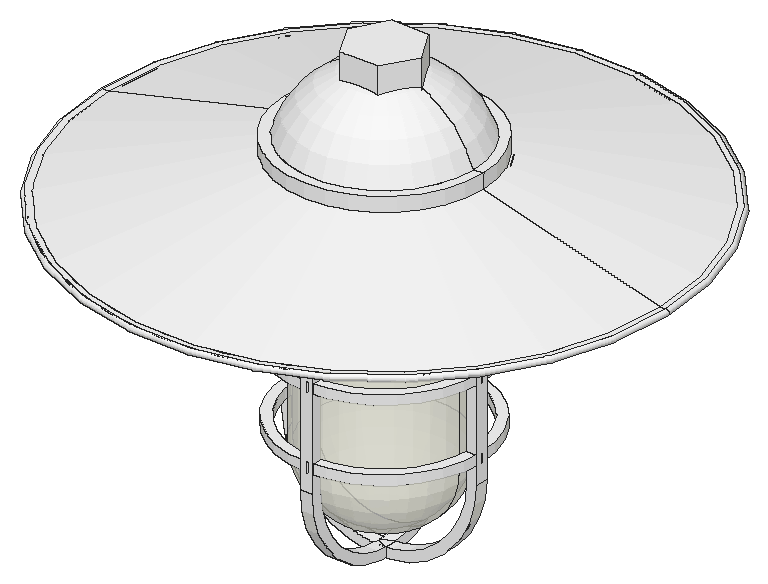
Revit family "CH1", category Lighting Fixtures, Revit 2024
Family settings
  Round Connector Dimension = Use Diameter
  Part Type = Normal
  OmniClass Number = 23.80.70.00
  OmniClass Title = Lighting
  Work Plane-Based = No
  Always vertical = Yes
  Cut with Voids When Loaded = No
  Light Source = No
  Maintain Annotation Orientation = No
  Shared = No
  Room Calculation Point = No
Parameters
  Default Elevation = 0' - 0"
Reference planes (in)
  plane 1 "Light Source Axis (F/B)": y = 0
  plane 2: z = 0
  plane 3 "Light Source Axis (L/R)": x = 0
  plane 4 "Light Source Elevation": z = 54
Forms (in)
  Extrusion 1, solid, material "44"
    sketch origin (6.84003, -9.35, 54) x (0, 1, 0) y (-1, 0, 0)
      loop
        line (9.36163, 6.05272) -> (10.04346, 6.44638) -> (10.04346, 7.23369) -> (9.36163, 7.62734) -> (8.6798, 7.23369) -> (8.6798, 6.44638) -> (9.36163, 6.05272)
    from 8.87938 to 9.6275
  Extrusion 2, solid, material "44"
    sketch origin (6.84003, -1.35, -23.42225) x (1, 0, 0) y (0, 0, 1)
      loop
        line (-4.78958, 84.58935) -> (-4.99147, 84.58935) -> (-4.99147, 79.4727)
        arc (-4.99147, 79.4727) -> (-5.57549, 78.12432) -> (-6.95853, 77.62794) r 1.84856
        arc (-6.95853, 77.62794) -> (-8.1884, 78.20816) -> (-8.68859, 79.4727) r 1.84856
        line (-8.68859, 79.4727) -> (-8.68859, 84.58935) -> (-8.89048, 84.58935) -> (-8.89048, 79.4727)
        arc (-8.89048, 79.4727) -> (-6.84003, 77.42225) -> (-4.78958, 79.4727) r 2.05045
        line (-4.78958, 79.4727) -> (-4.78958, 84.58935)
    from -1.47618 to -1.22382
  Revolve 3, solid, material "44"
    sketch origin (6.84003, -0.00202, -23.42225) x (1, 0, 0) y (0, 0, 1)
      loop
        line (-4.74874, 85.33001) -> (-4.95787, 85.33001)
        arc (-4.95787, 85.33001) -> (-5.68385, 86.30305) -> (-6.84003, 86.67332) r 1.99024
        line (-6.84003, 86.67332) -> (-6.84003, 86.57957)
        arc (-6.84003, 86.57957) -> (-5.71141, 86.20718) -> (-5.02601, 85.23626) r 1.89649
        line (-5.02601, 85.23626) -> (-4.84249, 85.23626) -> (-4.84249, 84.89938) -> (-4.79169, 84.89938) -> (-4.79169, 84.6831) -> (-5.08522, 84.6831) -> (-5.08522, 84.30461) -> (-4.99147, 84.30461) -> (-4.99147, 84.58935) -> (-4.69794, 84.58935) -> (-4.69794, 84.99313) -> (-4.74874, 84.99313) -> (-4.74874, 85.33001)
      loop
        line (-4.99147, 82.87328) -> (-4.78958, 82.87328) -> (-4.78958, 83.07517) -> (-4.99147, 83.07517) -> (-4.99147, 82.87328)
      loop
        line (-4.99147, 81.35911) -> (-4.78958, 81.35911) -> (-4.78958, 81.561) -> (-4.99147, 81.561) -> (-4.99147, 81.35911)
      loop
        line (-4.99147, 79.84493) -> (-4.78958, 79.84493) -> (-4.78958, 80.04682) -> (-4.99147, 80.04682) -> (-4.99147, 79.84493)
      loop
        line (-5.24003, 84.58935) -> (-5.33378, 84.58935) -> (-5.33378, 79.6014)
        arc (-5.33378, 79.6014) -> (-5.77495, 78.53632) -> (-6.84003, 78.09515) r 1.50625
        line (-6.84003, 78.09515) -> (-6.84003, 78.0014)
        arc (-6.84003, 78.0014) -> (-5.70866, 78.47003) -> (-5.24003, 79.6014) r 1.6
        line (-5.24003, 79.6014) -> (-5.24003, 84.58935)
      axis (-6.84003, 86.67332) -> (-6.84003, 78.0014)
    angle from 0 to 360
  Extrusion 4, solid, material "44"
    sketch origin (5.40871, -9.35, -23.42225) x (0, -1, 0) y (0, 0, 1)
      loop
        line (-11.40045, 84.58935) -> (-11.40045, 79.4727)
        arc (-11.40045, 79.4727) -> (-9.35, 77.42225) -> (-7.29955, 79.4727) r 2.05045
        line (-7.29955, 79.4727) -> (-7.29955, 84.58935) -> (-7.50144, 84.58935) -> (-7.50144, 79.4727)
        arc (-7.50144, 79.4727) -> (-8.05489, 78.15366) -> (-9.38383, 77.62445) r 1.84856
        arc (-9.38383, 77.62445) -> (-10.66903, 78.17758) -> (-11.19856, 79.4727) r 1.84856
        line (-11.19856, 79.4727) -> (-11.19856, 84.58935) -> (-11.40045, 84.58935)
    from 5.28252 to 5.53489
  Revolve 5, solid, material "44"
    sketch origin (0, 0, 0) x (1, 0, 0) y (0, 0, 1)
      loop
        arc (5.81286, 60.69003) -> (3.92762, 61.24819) -> (2.00135, 61.64211) r 22.83556
        line (2.00135, 61.64211) -> (2.01404, 61.54512)
        arc (2.01404, 61.54512) -> (3.92599, 61.15195) -> (5.79718, 60.59628) r 22.74181
        line (5.79718, 60.59628) -> (5.88337, 60.59628)
        arc (5.88337, 60.59628) -> (5.99163, 60.59628) -> (5.9375, 60.69003) r 0.0625
        line (5.9375, 60.69003) -> (5.81286, 60.69003)
      axis (0, 61.64211) -> (0, 60.59628)
    angle from 0 to 360
Dimensions and locks (in)
  aligned and locked: level to plane 2
